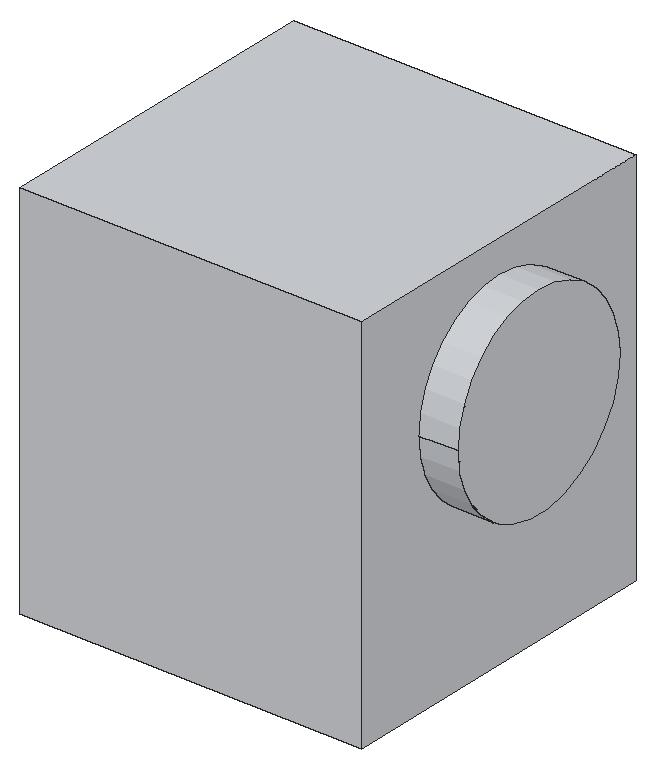
Revit family "Difusor de suprimento com Plenum- Quadrado - Linear - Entrada redonda horizontal", category Terminais de ar, Revit 2019
Family settings
  Cota do conector redondo = Usar raio
  Tipo de parte = Normal
  ID de item do Seek = Supply Diffuser - Rectangular Face Round Neck-0000-CAN-ENU
  Com base no plano de trabalho = Não
  Sempre na vertical = Sim
  Corte com vazios quando carregada = Não
  Compartilhado = Não
  Ponto de cálculo do ambiente = Não
Parameters (values of type "425mm")
  Espaçamento da lâmina = (Largura - 75.0 mm) * 1 / 20  # 17.5 mm
  Altura = 475.0 mm
  Comprimento do macho de torneira = 50.0 mm
  Altura de conexão da torneira = Raio do duto + 185.0 mm  # 310.0 mm
  Queda de pressão [instance] = 0.0 Pa
  UpFlowArrow [instance] = yes
  Largura = 425.0 mm
  RightFlowArrow [instance] = yes
  LeftFlowArrow [instance] = yes
  Fluxo [instance] = 0.0 L/s
  Raio do duto = 125 mm
  Diâmetro do duto = Raio do duto * 2  # 250 mm
  DownFlowArrow [instance] = yes
  Material do difusor = none
  Assembly Code = ""
Types (2, lengths in mm): name | Espaçamento da lâmina | Altura | Altura de conexão da torneira | Largura | Raio do duto | Diâmetro do duto
  425mm | 17.5 | 475.0 | 310.0 | 425.0 | 125 | 250
  600mm | 26.25 | 525.0 | 335.0 | 600.0 | 150 | 300
Reference planes
  plane 1 "Centro (frente/trás)": y = 0
  plane 2: z = 0
  plane 3 "Centro (direita/esquerda)": x = 0
  plane 4: x = 457.2
  plane 5: y = 457.2
  plane 6: x = -457.2
  plane 7: y = -457.2
  plane 8 "Inferior": z = 0
  plane 9 "Esquerda": x = -212.5
  plane 10 "Direita": x = 212.5
  plane 11 "Parte posterior": y = 212.5
  plane 12 "Parte frontal": y = -212.5
  plane 13 "Superior": z = 475
  plane 14 "Altura da torneira d": z = 310
  plane 15 "Torneira direita": x = 262.5
  plane 16 "Traseira da aba": y = 187.5
  plane 17 "Esquerda da aba": x = -187.5
  plane 18 "Direita da aba": x = 187.5
  plane 19 "Frente da aba": y = -187.5
  plane 20 "Esquerda do centro da aba": x = -12.5
  plane 21 "Direita do centro da aba": x = 12.5
  plane 22 "Traseira do centro da aba": y = 12.5
  plane 23 "Frente do centro da aba": y = -12.5
  plane 24: x = -170
  plane 25: x = -152.5
  plane 26: x = -135
  plane 27: x = -117.5
  plane 28: x = -100
  plane 29: x = -82.5
  plane 30: x = -65
  plane 31: x = -47.5
  plane 32: x = -30
  plane 33: x = 30
  plane 34: x = 47.5
  plane 35: x = 65
  plane 36: x = 82.5
  plane 37: x = 100
  plane 38: x = 117.5
  plane 39: x = 135
  plane 40: x = 152.5
  plane 41: x = 170
  plane 42: y = -30
  plane 43: y = -47.5
  plane 44: y = -65
  plane 45: y = -82.5
  plane 46: y = -100
  plane 47: y = -117.5
  plane 48: y = -135
  plane 49: y = -152.5
  plane 50: y = -170
  plane 51: y = 170
  plane 52: y = 152.5
  plane 53: y = 135
  plane 54: y = 117.5
  plane 55: y = 100
  plane 56: y = 82.5
  plane 57: y = 65
  plane 58: y = 47.5
  plane 59: y = 30
Forms (mm)
  Extrusion 1, solid, material <- "Material do difusor"
    sketch origin (0, 0, 0) x (1, 0, 0) y (0, 1, 0)
      loop
        line (-212.5, 212.5) -> (-212.5, -212.5) -> (212.5, -212.5) -> (212.5, 212.5) -> (-212.5, 212.5)
    from 0 to 475
  Extrusion 2, solid, material <- "Material do difusor"
    sketch origin (212.5, 0, 0) x (0, 1, 0) y (0, 0, -1)
      loop
        circle (0, -310) r 125
    from 0 to -50
Lines and regions (mm)
  symbolic lines
    curve 1: line (-212.5, 212.5, 0) -> (212.5, 212.5, 0)
    curve 2: line (212.5, 212.5, 0) -> (212.5, -212.5, 0)
    curve 3: line (212.5, -212.5, 0) -> (-212.5, -212.5, 0)
    curve 4: line (-212.5, -212.5, 0) -> (-212.5, 212.5, 0)
    curve 5: line (-212.5, 212.5, 0) -> (212.5, -212.5, 0)
    curve 6: line (-212.5, -212.5, 0) -> (212.5, 212.5, 0)
  model lines
    curve 7: line (-170, 12.5, 0) -> (-170, 187.5, 0)
    curve 8: line (-152.5, 187.5, 0) -> (-152.5, 12.5, 0)
    curve 9: line (-135, 187.5, 0) -> (-135, 12.5, 0)
    curve 10: line (-117.5, 187.5, 0) -> (-117.5, 12.5, 0)
    curve 11: line (-100, 187.5, 0) -> (-100, 12.5, 0)
    curve 12: line (-82.5, 187.5, 0) -> (-82.5, 12.5, 0)
    curve 13: line (-65, 187.5, 0) -> (-65, 12.5, 0)
    curve 14: line (-47.5, 187.5, 0) -> (-47.5, 12.5, 0)
    curve 15: line (-30, 187.5, 0) -> (-30, 12.5, 0)
    curve 16: line (-12.5, 187.5, 0) -> (-12.5, 12.5, 0)
    curve 17: line (12.5, 12.5, 0) -> (187.5, 12.5, 0)
    curve 18: line (12.5, 30, 0) -> (187.5, 30, 0)
    curve 19: line (12.5, 47.5, 0) -> (187.5, 47.5, 0)
    curve 20: line (12.5, 65, 0) -> (187.5, 65, 0)
    curve 21: line (12.5, 82.5, 0) -> (187.5, 82.5, 0)
    curve 22: line (12.5, 100, 0) -> (187.5, 100, 0)
    curve 23: line (12.5, 117.5, 0) -> (187.5, 117.5, 0)
    curve 24: line (12.5, 135, 0) -> (187.5, 135, 0)
    curve 25: line (12.5, 152.5, 0) -> (187.5, 152.5, 0)
    curve 26: line (12.5, 170, 0) -> (187.5, 170, 0)
    curve 27: line (-187.5, 12.5, 0) -> (-187.5, 187.5, 0)
    curve 28: line (12.5, 187.5, 0) -> (187.5, 187.5, 0)
    curve 29: line (12.5, -187.5, 0) -> (12.5, -12.5, 0)
    curve 30: line (30, -187.5, 0) -> (30, -12.5, 0)
    curve 31: line (47.5, -187.5, 0) -> (47.5, -12.5, 0)
    curve 32: line (65, -187.5, 0) -> (65, -12.5, 0)
    curve 33: line (82.5, -187.5, 0) -> (82.5, -12.5, 0)
    curve 34: line (100, -187.5, 0) -> (100, -12.5, 0)
    curve 35: line (117.5, -187.5, 0) -> (117.5, -12.5, 0)
    curve 36: line (135, -187.5, 0) -> (135, -12.5, 0)
    curve 37: line (152.5, -187.5, 0) -> (152.5, -12.5, 0)
    curve 38: line (170, -187.5, 0) -> (170, -12.5, 0)
    curve 39: line (187.5, -187.5, 0) -> (187.5, -12.5, 0)
    curve 40: line (-187.5, -187.5, 0) -> (-12.5, -187.5, 0)
    curve 41: line (-187.5, -170, 0) -> (-12.5, -170, 0)
    curve 42: line (-187.5, -152.5, 0) -> (-12.5, -152.5, 0)
    curve 43: line (-187.5, -135, 0) -> (-12.5, -135, 0)
    curve 44: line (-187.5, -117.5, 0) -> (-12.5, -117.5, 0)
    curve 45: line (-187.5, -100, 0) -> (-12.5, -100, 0)
    curve 46: line (-187.5, -82.5, 0) -> (-12.5, -82.5, 0)
    curve 47: line (-187.5, -65, 0) -> (-12.5, -65, 0)
    curve 48: line (-187.5, -47.5, 0) -> (-12.5, -47.5, 0)
    curve 49: line (-187.5, -30, 0) -> (-12.5, -30, 0)
    curve 50: line (-187.5, -12.5, 0) -> (-12.5, -12.5, 0)
Dimensions and locks
  "Largura": nested 3 to plane 3 "Centro (direita/esquerda)"
  "Largura": nested 2 to plane 1 "Centro (frente/trás)"
  "Largura": plane 3 "Centro (direita/esquerda)" to nested 1
  "Largura": nested 4 to plane 1 "Centro (frente/trás)"
  equal spacing: plane 12 "Parte frontal", plane 1 "Centro (frente/trás)", plane 11 "Parte posterior"
  "Largura": plane 11 "Parte posterior" to plane 12 "Parte frontal"
  equal spacing: plane 9 "Esquerda", plane 3 "Centro (direita/esquerda)", plane 10 "Direita"
  "Largura": plane 9 "Esquerda" to plane 10 "Direita"
  "Comprimento do macho de torneira": plane 10 "Direita" to plane 15 "Torneira direita"
  "Altura": plane 13 "Superior" to plane 8 "Inferior"
  "Altura de conexão da torneira": plane 14 "Altura da torneira d" to plane 8 "Inferior"
  locked: plane 11 "Parte posterior" to plane 16 "Traseira da aba" at 25
  locked: plane 12 "Parte frontal" to plane 19 "Frente da aba" at 25
  locked: plane 9 "Esquerda" to plane 17 "Esquerda da aba" at 25
  locked: plane 18 "Direita da aba" to plane 10 "Direita" at 25
  equal spacing: plane 20 "Esquerda do centro da aba", plane 3 "Centro (direita/esquerda)", plane 21 "Direita do centro da aba"
  locked: plane 3 "Centro (direita/esquerda)" to plane 21 "Direita do centro da aba" at 12.5
  locked: plane 22 "Traseira do centro da aba" to nested 3 at 12.5
  equal spacing: plane 23 "Frente do centro da aba", nested 3, plane 22 "Traseira do centro da aba"
  "Espaçamento da lâmina": plane 17 "Esquerda da aba" to plane 24
  "Espaçamento da lâmina": plane 24 to plane 25
  "Espaçamento da lâmina": plane 25 to plane 26
  "Espaçamento da lâmina": plane 26 to plane 27
  "Espaçamento da lâmina": plane 27 to plane 28
  "Espaçamento da lâmina": plane 28 to plane 29
  "Espaçamento da lâmina": plane 29 to plane 30
  "Espaçamento da lâmina": plane 30 to plane 31
  "Espaçamento da lâmina": plane 31 to plane 32
  "Espaçamento da lâmina": plane 33 to plane 34
  "Espaçamento da lâmina": plane 34 to plane 35
  "Espaçamento da lâmina": plane 35 to plane 36
  "Espaçamento da lâmina": plane 36 to plane 37
  "Espaçamento da lâmina": plane 37 to plane 38
  "Espaçamento da lâmina": plane 38 to plane 39
  "Espaçamento da lâmina": plane 39 to plane 40
  "Espaçamento da lâmina": plane 40 to plane 41
  "Espaçamento da lâmina": plane 42 to plane 43
  "Espaçamento da lâmina": plane 43 to plane 44
  "Espaçamento da lâmina": plane 44 to plane 45
  "Espaçamento da lâmina": plane 45 to plane 46
  "Espaçamento da lâmina": plane 46 to plane 47
  "Espaçamento da lâmina": plane 47 to plane 48
  "Espaçamento da lâmina": plane 48 to plane 49
  "Espaçamento da lâmina": plane 49 to plane 50
  "Espaçamento da lâmina": plane 19 "Frente da aba" to plane 50
  "Espaçamento da lâmina": plane 51 to plane 52
  "Espaçamento da lâmina": plane 52 to plane 53
  "Espaçamento da lâmina": plane 53 to plane 54
  "Espaçamento da lâmina": plane 54 to plane 55
  "Espaçamento da lâmina": plane 55 to plane 56
  "Espaçamento da lâmina": plane 56 to plane 57
  "Espaçamento da lâmina": plane 57 to plane 58
  "Espaçamento da lâmina": plane 58 to plane 59
  "Espaçamento da lâmina": plane 41 to plane 18 "Direita da aba"
  "Espaçamento da lâmina": plane 51 to plane 16 "Traseira da aba"
  "Raio do duto": radius of Extrusion 2 sketch curve
  aligned and locked: plane 3 "Centro (direita/esquerda)" to nested 2
  aligned and locked: plane 1 "Centro (frente/trás)" to nested 1
  aligned and locked: nested 4 to plane 3 "Centro (direita/esquerda)"
  aligned and locked: nested 3 to plane 1 "Centro (frente/trás)"
  aligned and locked: plane 2 to plane 8 "Inferior"
  aligned and locked: plane 13 "Superior" to Extrusion 1
  aligned and locked: plane 14 "Altura da torneira d" to Extrusion 2 sketch curve
  aligned and locked: plane 1 "Centro (frente/trás)" to Extrusion 2 sketch curve
  aligned and locked: plane 15 "Torneira direita" to Extrusion 2
  aligned and locked: plane 9 "Esquerda" to Extrusion 1 sketch curve
  aligned and locked: Extrusion 1 sketch curve to plane 11 "Parte posterior"
  aligned and locked: Extrusion 1 sketch curve to plane 12 "Parte frontal"
  aligned and locked: plane 10 "Direita" to Extrusion 1 sketch curve
  aligned and locked: Extrusion 1 to plane 13 "Superior"
  aligned and locked: Extrusion 1 to plane 8 "Inferior"
  aligned and locked: plane 10 "Direita" to Extrusion 2
  aligned and locked: Extrusion 2 to plane 15 "Torneira direita"
  aligned and locked: plane 16 "Traseira da aba" to curve 7
  aligned and locked: plane 22 "Traseira do centro da aba" to curve 7
  aligned and locked: curve 7 to plane 24
  aligned and locked: curve 8 to plane 25
  aligned and locked: curve 9 to plane 26
  aligned and locked: curve 10 to plane 27
  aligned and locked: curve 11 to plane 28
  aligned and locked: curve 12 to plane 29
  aligned and locked: curve 13 to plane 30
  aligned and locked: curve 14 to plane 31
  aligned and locked: curve 15 to plane 32
  aligned and locked: curve 16 to plane 20 "Esquerda do centro da aba"
  aligned and locked: plane 16 "Traseira da aba" to curve 8
  aligned and locked: plane 16 "Traseira da aba" to curve 9
  aligned and locked: plane 16 "Traseira da aba" to curve 10
  aligned and locked: plane 16 "Traseira da aba" to curve 11
  aligned and locked: plane 16 "Traseira da aba" to curve 12
  aligned and locked: plane 16 "Traseira da aba" to curve 13
  aligned and locked: plane 16 "Traseira da aba" to curve 14
  aligned and locked: plane 16 "Traseira da aba" to curve 15
  aligned and locked: plane 16 "Traseira da aba" to curve 16
  aligned and locked: plane 22 "Traseira do centro da aba" to curve 8
  aligned and locked: plane 22 "Traseira do centro da aba" to curve 9
  aligned and locked: plane 22 "Traseira do centro da aba" to curve 10
  aligned and locked: plane 22 "Traseira do centro da aba" to curve 11
  aligned and locked: plane 22 "Traseira do centro da aba" to curve 12
  aligned and locked: plane 22 "Traseira do centro da aba" to curve 13
  aligned and locked: plane 22 "Traseira do centro da aba" to curve 14
  aligned and locked: plane 22 "Traseira do centro da aba" to curve 15
  aligned and locked: plane 22 "Traseira do centro da aba" to curve 16
  aligned and locked: plane 21 "Direita do centro da aba" to curve 17
  aligned and locked: plane 21 "Direita do centro da aba" to curve 18
  aligned and locked: plane 21 "Direita do centro da aba" to curve 19
  aligned and locked: plane 21 "Direita do centro da aba" to curve 20
  aligned and locked: plane 21 "Direita do centro da aba" to curve 21
  aligned and locked: plane 21 "Direita do centro da aba" to curve 22
  aligned and locked: plane 21 "Direita do centro da aba" to curve 23
  aligned and locked: plane 21 "Direita do centro da aba" to curve 24
  aligned and locked: plane 21 "Direita do centro da aba" to curve 25
  aligned and locked: plane 21 "Direita do centro da aba" to curve 26
  aligned and locked: plane 17 "Esquerda da aba" to curve 27
  aligned and locked: plane 16 "Traseira da aba" to curve 27
  aligned and locked: plane 22 "Traseira do centro da aba" to curve 27
  aligned and locked: plane 18 "Direita da aba" to curve 17
  aligned and locked: plane 18 "Direita da aba" to curve 18
  aligned and locked: plane 18 "Direita da aba" to curve 19
  aligned and locked: plane 18 "Direita da aba" to curve 20
  aligned and locked: plane 18 "Direita da aba" to curve 21
  aligned and locked: plane 18 "Direita da aba" to curve 22
  aligned and locked: plane 18 "Direita da aba" to curve 23
  aligned and locked: plane 18 "Direita da aba" to curve 24
  aligned and locked: plane 18 "Direita da aba" to curve 25
  aligned and locked: plane 18 "Direita da aba" to curve 26
  aligned and locked: curve 17 to plane 22 "Traseira do centro da aba"
  aligned and locked: curve 18 to plane 59
  aligned and locked: curve 19 to plane 58
  aligned and locked: curve 20 to plane 57
  aligned and locked: curve 21 to plane 56
  aligned and locked: curve 22 to plane 55
  aligned and locked: curve 23 to plane 54
  aligned and locked: curve 24 to plane 53
  aligned and locked: curve 25 to plane 52
  aligned and locked: curve 26 to plane 51
  aligned and locked: plane 21 "Direita do centro da aba" to curve 28
  aligned and locked: plane 18 "Direita da aba" to curve 28
  aligned and locked: curve 28 to plane 16 "Traseira da aba"
  aligned and locked: plane 23 "Frente do centro da aba" to curve 29
  aligned and locked: plane 23 "Frente do centro da aba" to curve 30
  aligned and locked: plane 23 "Frente do centro da aba" to curve 31
  aligned and locked: plane 23 "Frente do centro da aba" to curve 32
  aligned and locked: plane 23 "Frente do centro da aba" to curve 33
  aligned and locked: plane 23 "Frente do centro da aba" to curve 34
  aligned and locked: plane 23 "Frente do centro da aba" to curve 35
  aligned and locked: plane 23 "Frente do centro da aba" to curve 36
  aligned and locked: plane 23 "Frente do centro da aba" to curve 37
  aligned and locked: plane 23 "Frente do centro da aba" to curve 38
  aligned and locked: plane 23 "Frente do centro da aba" to curve 39
  aligned and locked: plane 19 "Frente da aba" to curve 29
  aligned and locked: plane 19 "Frente da aba" to curve 30
  aligned and locked: plane 19 "Frente da aba" to curve 31
  aligned and locked: plane 19 "Frente da aba" to curve 32
  aligned and locked: plane 19 "Frente da aba" to curve 33
  aligned and locked: plane 19 "Frente da aba" to curve 34
  aligned and locked: plane 19 "Frente da aba" to curve 35
  aligned and locked: plane 19 "Frente da aba" to curve 36
  aligned and locked: plane 19 "Frente da aba" to curve 37
  aligned and locked: plane 19 "Frente da aba" to curve 38
  aligned and locked: plane 19 "Frente da aba" to curve 39
  aligned and locked: plane 21 "Direita do centro da aba" to curve 29
  aligned and locked: curve 30 to plane 33
  aligned and locked: curve 31 to plane 34
  aligned and locked: curve 32 to plane 35
  aligned and locked: curve 33 to plane 36
  aligned and locked: curve 34 to plane 37
  aligned and locked: curve 35 to plane 38
  aligned and locked: curve 36 to plane 39
  aligned and locked: curve 37 to plane 40
  aligned and locked: curve 38 to plane 41
  aligned and locked: curve 39 to plane 18 "Direita da aba"
  aligned and locked: plane 17 "Esquerda da aba" to curve 40
  aligned and locked: plane 17 "Esquerda da aba" to curve 41
  aligned and locked: plane 17 "Esquerda da aba" to curve 42
  aligned and locked: plane 17 "Esquerda da aba" to curve 43
  aligned and locked: plane 17 "Esquerda da aba" to curve 44
  aligned and locked: plane 17 "Esquerda da aba" to curve 45
  aligned and locked: plane 17 "Esquerda da aba" to curve 46
  aligned and locked: plane 17 "Esquerda da aba" to curve 47
  aligned and locked: plane 17 "Esquerda da aba" to curve 48
  aligned and locked: plane 17 "Esquerda da aba" to curve 49
  aligned and locked: plane 17 "Esquerda da aba" to curve 50
  aligned and locked: plane 20 "Esquerda do centro da aba" to curve 40
  aligned and locked: plane 20 "Esquerda do centro da aba" to curve 41
  aligned and locked: plane 20 "Esquerda do centro da aba" to curve 42
  aligned and locked: plane 20 "Esquerda do centro da aba" to curve 43
  aligned and locked: plane 20 "Esquerda do centro da aba" to curve 44
  aligned and locked: plane 20 "Esquerda do centro da aba" to curve 45
  aligned and locked: plane 20 "Esquerda do centro da aba" to curve 46
  aligned and locked: plane 20 "Esquerda do centro da aba" to curve 47
  aligned and locked: plane 20 "Esquerda do centro da aba" to curve 48
  aligned and locked: plane 20 "Esquerda do centro da aba" to curve 49
  aligned and locked: plane 20 "Esquerda do centro da aba" to curve 50
  aligned and locked: plane 19 "Frente da aba" to curve 40
  aligned and locked: curve 41 to plane 50
  aligned and locked: curve 42 to plane 49
  aligned and locked: curve 43 to plane 48
  aligned and locked: curve 44 to plane 47
  aligned and locked: curve 45 to plane 46
  aligned and locked: curve 46 to plane 45
  aligned and locked: curve 47 to plane 44
  aligned and locked: curve 48 to plane 43
  aligned and locked: curve 49 to plane 42
  aligned and locked: plane 23 "Frente do centro da aba" to curve 50
Automatic sketch dimensions
  curve 1 to plane 9 "Esquerda" = 0.0 mm
  curve 2 to plane 10 "Direita" = 0.0 mm
  plane 12 "Parte frontal" to curve 4 = 0.0 mm
  curve 4 to plane 11 "Parte posterior" = 0.0 mm
Nested families
  nested 1: "Seta do terminal do duto" at (425, 0, 0), visible <- "RightFlowArrow", type "Seta do terminal do duto"
  nested 2: "Seta do terminal do duto" at (0, 425, 0) x (0, 1, 0) z (0, 0, 1), visible <- "UpFlowArrow", type "Seta do terminal do duto"
  nested 3: "Seta do terminal do duto" at (-425, 0, 0) x (-1, 0, 0) z (0, 0, 1), visible <- "LeftFlowArrow", type "Seta do terminal do duto"
  nested 4: "Seta do terminal do duto" at (0, -425, 0) x (0, -1, 0) z (0, 0, 1), visible <- "DownFlowArrow", type "Seta do terminal do duto"
Connectors
  hvac at (262.5, 0, 310), driven by "Queda de pressão", driven by "Fluxo", driven by "Raio do duto"
    settings: on Extrusion 2, index 1, duct flow 0.0 L/s, flow factor 0, pres drop 0.0 Pa, loss coef 0, conn angle 0.00°, conn width 304.8 mm, conn height 304.8 mm, conn diameter 250 mm, duct sys type 1, conn prof type 0, flow config 1, flow direction 1, loss method 4, conn ref index -1, conn util no, is conn primary yes, conn desc "Entrada de ar"
Definition of nested family "Seta do terminal do duto"
  Parameters
    Largura = 600.0 mm
    Visibilidade 1 = yes
    Visibilidade 2 = no
    Comprimento 4 = (Meio comprimento 1 - Comprimento 5 * sin(20.00°) * 4) / 2  # 70.515 mm
    Comprimento 5 = Comprimento 2 * tan(20.00°)  # 116.199 mm
    Comprimento 3 = Comprimento 2 * 0.5  # 159.627 mm
    Comprimento 2 = Meio comprimento 1 / cos(20.00°)  # 319.253 mm
    Comprimento 1 = if(Altura > Largura, Altura, Largura)  # 600.0 mm
    Altura = 600.0 mm
    Meio comprimento 1 = Comprimento 1 * 0.5  # 300.0 mm
    Assembly Code = ""
  Reference planes
    plane 1 "Centro (Frente/Trás)": y = 0
    plane 2: z = 0
    plane 3 "Centro (Esquerda/Direita)": x = 0
  Lines and regions (mm)
    Filled region 1, type "Tijolo", in view "Nível de referência", visible <- "Visibilidade 1"
      outline origin (0, 0, 0) x (1, 0, 0) y (0, 1, 0)
        loop
          line (600, 0) -> (300, 109.191) -> (300, -109.191) -> (600, 0)
    Filled region 2, type "Preenchimento sólido - Preto", in view "Nível de referência", visible <- "Visibilidade 2"
      outline origin (0, 0, 0) x (1, 0, 0) y (0, 1, 0)
        loop
          line (-300, 109.191) -> (-300, -109.191) -> (0, 0) -> (-300, 109.191)
    detail lines, in view "Nível de referência", visible <- "Visibilidade 1"
      curve 1: line (0, 0, 0) -> (600, 0, 0)
      curve 2: line (600, 0, 0) -> (300, 109.191, 0)
      curve 3: line (600, 0, 0) -> (300, -109.191, 0)
      curve 4: line (300, 109.191, 0) -> (300, -109.191, 0)
    detail lines, in view "Nível de referência", visible <- "Visibilidade 2"
      curve 5: line (-300, 0, 0) -> (0, 0, 0)
      curve 6: line (0, 0, 0) -> (-300, 109.191, 0)
      curve 7: line (0, 0, 0) -> (-300, -109.191, 0)
      curve 8: line (-300, 109.191, 0) -> (-300, -109.191, 0)
      curve 9: line (-300, 0, 0) -> (-370.515, 0, 0)
      curve 10: line (-370.515, 0, 0) -> (-410.258, 109.191, 0)
      curve 11: line (-450, 0, 0) -> (-410.258, 109.191, 0)
      curve 12: line (-450, 0, 0) -> (-489.742, -109.191, 0)
      curve 13: line (-529.485, 0, 0) -> (-489.742, -109.191, 0)
      curve 14: line (-529.485, 0, 0) -> (-600, 0, 0)
  Dimensions and locks
    "Comprimento 1": curve 1 to curve 1
    "Comprimento 2": curve 2 to curve 2
    "Comprimento 2": curve 3 to curve 3
    "Meio comprimento 1": curve 5 to curve 5
    "Comprimento 2": curve 6 to curve 6
    "Comprimento 2": curve 7 to curve 7
    "Comprimento 4": curve 9 to curve 9
    "Comprimento 5": curve 10 to curve 10
    "Comprimento 5": curve 11 to curve 11
    "Comprimento 5": curve 12 to curve 12
    "Comprimento 5": curve 13 to curve 13
    "Comprimento 4": curve 14 to curve 14
    locked: curve 2 to curve 1 (angle 20.00°)
    locked: curve 6 to curve 5 (angle 20.00°)
    locked: curve 9 to curve 10 (angle 110.00°)
    locked: curve 11 to curve 12 (angle 180.00°)
    aligned and locked: plane 1 "Centro (Frente/Trás)" to curve 1
    aligned and locked: Filled region 1 sketch curve to curve 2
    aligned and locked: Filled region 1 sketch curve to curve 3
    aligned and locked: Filled region 1 sketch curve to curve 4
    aligned and locked: plane 1 "Centro (Frente/Trás)" to curve 5
    aligned and locked: plane 3 "Centro (Esquerda/Direita)" to curve 5
    aligned and locked: Filled region 2 sketch curve to curve 8
    aligned and locked: Filled region 2 sketch curve to curve 6
    aligned and locked: Filled region 2 sketch curve to curve 7
    aligned and locked: curve 14 to plane 1 "Centro (Frente/Trás)"
  Automatic sketch dimensions
    plane 1 "Centro (Frente/Trás)" to curve 12 = 0.0 mm
